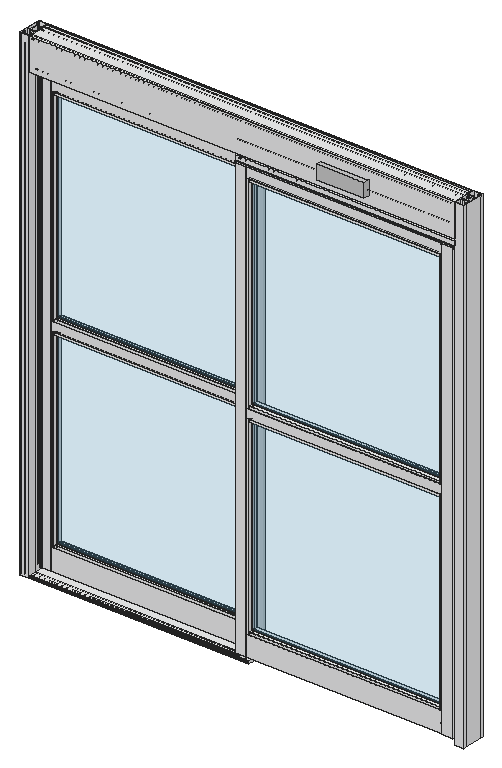
Revit family "2-6-1_Sliding-Door_TX9300SL_Single-RH-Inside-Slide-SX-SO_Tormax", category Doors, host Wall, Revit 2026
Family settings
  Host = Wall
  Classification Number = 23.30.10.00
  Always vertical = Yes
  Cut with Voids When Loaded = Yes
  Shared = No
  Room Calculation Point = No
Parameters (values of type "7'-0" Package Width")
  Width = 7' - 0"
  URL = "https://www.tormaxusa.com"
  Thickness = 0' - 4 1/2"  # constant formula
  Specification = "https://www.arcat.com/company/tormax-usa-inc-43969/spec"
  Rough Width = Width + 0' 0 1/2"  # 7' - 0 1/2"
  Rough Height = Height + 0' 0 1/4"  # 7' - 8 1/4"
  Product Page URL = "https://www.arcat.com/arcatcos/cos43/arc43969.html"
  Model = "TX9300SL"
  Manufacturer = "Tormax"
  Keynote = "08 42 29"
  Height = 7' - 8"  # constant formula
  Glass = Glass - Tormax
  Frame Projection Ext. = 0' - 0"
  Frame Projection Int. = 0' - 0"
  Frame Width = 0' - 0"
  Wall Closure = By host
  Door Width = Width / 2 - 0' 0 9/16"  # 3' - 5 7/16"
  Door Height = Height  # 7' - 8"
  Frame Material = Aluminum - Tormax
  Description = "Single RH Inside Slide Application (SX-SO), 7'-0\" Package Width"
  Define Thermal Properties by = Schematic Type
  Copyright = "ARCAT"
  CAD Details = "https://www.arcat.com/company/tormax-usa-inc-43969/cad"
  Analytic Construction = "<None>"
Reference planes (in)
  plane 1 "Center (Front/Back)": y = 0
  plane 2 "Center (Left/Right)": x = 0
  plane 3 "Left": x = -42.25
  plane 4 "Right": x = 42.25
  plane 5 "Top": z = 91.75
  plane 6 "Exterior": y = 3
  plane 7 "Interior": y = -3
  plane 8: x = -1.3125
  plane 9: x = 1.3125
  plane 10: y = -2.25
  plane 11 "4": z = 85
  plane 12: x = -42
  plane 13: x = 42
  plane 14: z = 91.5
  plane 15: y = 2.25
  plane 16: x = -40.24908
  plane 17: x = 40.24908
  plane 18: y = 0.9375
  plane 19: y = -1.38997
  plane 20: x = 19.46829
  plane 21: z = 0.5
  plane 22: z = -0.5
Forms (in)
  Extrusion 1, solid, material "Plastic - Tormax - Grey"
    sketch origin (0, 0, 0) x (1, 0, 0) y (0, 0, 1)
      loop
        line (14.96829, 89.555) -> (14.96829, 86.945) -> (23.96829, 86.945) -> (23.96829, 89.555) -> (14.96829, 89.555)
    from 2.23036 to 3.23457
  Extrusion 2, solid, material "Plastic - Tormax - Grey"
    sketch origin (0, 0, 0) x (1, 0, 0) y (0, 0, 1)
      loop
        line (14.96829, 89.555) -> (14.96829, 86.945) -> (23.96829, 86.945) -> (23.96829, 89.555) -> (14.96829, 89.555)
    from -3.25 to -2.23457
  Sweep 3, solid, material "Aluminum - Tormax" <- "Frame Material"
    path origin (0, 0, 0) x (1, 0, 0) y (0, 0, 1)
      loop
        line (-40.24908, 85) -> (40.24908, 85)
    profile origin (0, 0, 85) x (0, 0, 1) y (0, -1, 0)
      loop
        line (5.77619, 2.07466) -> (5.77619, 1.22179) -> (5.91858, 1.22179)
        arc (5.91858, 1.22179) -> (5.95775, 1.20557) -> (5.97397, 1.1664) r 0.05539
        line (5.97397, 1.1664) -> (5.97397, 1.11939) -> (6.03942, 1.11939) -> (6.06795, 1.15867) -> (6.25171, 1.15867) -> (6.25171, 0.53164) -> (6.11284, 0.53164) -> (6.11284, 0.64246) -> (6.03429, 0.64246) -> (6.03429, 0.53164) -> (5.97397, 0.53164) -> (5.97397, 0.29669) -> (6.05393, 0.29669) -> (6.05393, 0.42995) -> (6.1928, 0.42995) -> (6.1928, 0.32403) -> (6.33027, 0.32403) -> (6.33027, -0.00721) -> (6.1928, -0.00721) -> (6.1928, -0.11382) -> (6.05393, -0.11382) -> (6.05393, 0.01944) -> (5.97397, 0.01944) -> (5.97397, -0.19378) -> (6.27276, -0.19378) -> (6.27276, -0.11503)
        arc (6.27276, -0.11503) -> (6.30151, -0.08627) -> (6.33027, -0.11503) r 0.02876
        line (6.33027, -0.11503) -> (6.33027, -0.44908)
        arc (6.33027, -0.44908) -> (6.30151, -0.47783) -> (6.27276, -0.44908) r 0.02876
        line (6.27276, -0.44908) -> (6.27276, -0.37032) -> (5.97397, -0.37032) -> (5.97397, -0.58354) -> (6.05393, -0.58354) -> (6.05393, -0.45028) -> (6.1928, -0.45028) -> (6.1928, -0.55689) -> (6.33027, -0.55689) -> (6.33027, -0.88653) -> (6.1928, -0.88653) -> (6.1928, -0.99314) -> (6.05393, -0.99314) -> (6.05393, -0.85988) -> (5.97397, -0.85988) -> (5.97397, -1.0731) -> (6.27276, -1.0731) -> (6.27276, -0.99434)
        arc (6.27276, -0.99434) -> (6.30151, -0.96559) -> (6.33027, -0.99434) r 0.02876
        line (6.33027, -0.99434) -> (6.33027, -1.32981)
        arc (6.33027, -1.32981) -> (6.30151, -1.35856) -> (6.27276, -1.32981) r 0.02876
        line (6.27276, -1.32981) -> (6.27276, -1.25125) -> (5.97397, -1.25125) -> (5.97397, -1.46306) -> (6.05393, -1.46306) -> (6.05393, -1.3298) -> (6.1928, -1.3298) -> (6.1928, -1.43623) -> (6.24189, -1.43623) -> (6.24189, -1.76475) -> (6.1928, -1.76475) -> (6.1928, -1.87407) -> (6.05393, -1.87407) -> (6.05393, -1.7394) -> (5.97397, -1.7394) -> (5.97397, -1.93598)
        arc (5.97397, -1.93598) -> (5.93664, -2.02611) -> (5.84651, -2.06344) r 0.12746
        line (5.84651, -2.06344) -> (1.75483, -2.06344) -> (1.75483, -1.53331) -> (1.9456, -1.35354) -> (1.9456, -0.73504) -> (1.83128, -0.62071) -> (2.08658, -0.36541) -> (2.03117, -0.31001) -> (1.93648, -0.40469) -> (1.83689, -0.3051) -> (1.91264, -0.22935) -> (1.85512, -0.17184) -> (2.08868, 0.06172) -> (2.14619, 0.00421) -> (2.22127, 0.07928) -> (2.32086, -0.02032) -> (2.22615, -0.11502) -> (2.28156, -0.17043) -> (2.38466, -0.06733) -> (2.38466, 0.9202) -> (2.23457, 0.9202) -> (2.23457, 0.32723)
        arc (2.23457, 0.32723) -> (2.2005, 0.23362) -> (2.11423, 0.18382) r 0.14562
        line (2.11423, 0.18382) -> (2.0338, 0.16963)
        arc (2.0338, 0.16963) -> (1.99627, 0.15695) -> (1.96422, 0.13365) r 0.13141
        line (1.96422, 0.13365) -> (1.83569, 0.00654)
        arc (1.83569, 0.00654) -> (1.6158, -0.06179) -> (1.43332, 0.07864) r 0.25
        line (1.43332, 0.07864) -> (1.36206, 0.23145) -> (1.17269, 0.23145) -> (1.17269, 0.1529) -> (1.30595, 0.1529) -> (1.30595, 0.01262) -> (1.19934, 0.01262) -> (1.19934, -0.06867) -> (0.8697, -0.06867) -> (0.8697, 0.01262) -> (0.76309, 0.01262) -> (0.76309, 0.1529) -> (0.89635, 0.1529) -> (0.89635, 0.23145) -> (0.59196, 0.23145) -> (0.59196, 0.11643) -> (0.47481, 0.11643)
        arc (0.47481, 0.11643) -> (0.40392, 0.14579) -> (0.37455, 0.21669) r 0.10026
        line (0.37455, 0.21669) -> (0.37455, 1.02507)
        arc (0.37455, 1.02507) -> (0.36443, 1.03854) -> (0.34867, 1.03258) r 0.01403
        line (0.34867, 1.03258) -> (0.23145, 0.84785) -> (0.23145, 0.28897) -> (-0.01964, 0.28897) -> (-0.01964, 0.45028) -> (-0.21462, 0.45028) -> (-0.21462, 0.4068) -> (-0.15431, 0.4068) -> (-0.15431, 0.33666) -> (-0.48395, 0.33666) -> (-0.48395, 0.4068) -> (-0.42504, 0.4068) -> (-0.42504, 0.45028) -> (-0.62422, 0.45028) -> (-0.62422, 0.04489) -> (-0.42504, 0.04489) -> (-0.42504, 0.08837) -> (-0.48395, 0.08837) -> (-0.48395, 0.15851) -> (-0.15431, 0.15851) -> (-0.15431, 0.08837) -> (-0.21462, 0.08837) -> (-0.21462, 0.04489) -> (0, 0.04489) -> (0, -2.23457) -> (6.5, -2.23457) -> (6.5, -2.00635)
        arc (6.5, -2.00635) -> (6.48905, -1.99208) -> (6.47243, -1.99896) r 0.01477
        line (6.47243, -1.99896) -> (6.41577, -2.09711)
        arc (6.41577, -2.09711) -> (6.39129, -2.10725) -> (6.37515, -2.08622) r 0.02177
        line (6.37515, -2.08622) -> (6.37515, -1.85076) -> (6.5, -1.72592) -> (6.5, 2.23036) -> (0.28141, 2.23036) -> (0.28141, 1.68048) -> (0.40539, 1.68048) -> (0.40539, 2.10552) -> (6.03008, 2.10552) -> (6.03008, 1.97602) -> (5.93246, 1.97602)
        arc (5.93246, 1.97602) -> (5.88314, 1.9267) -> (5.93246, 1.87738) r 0.04932
        line (5.93246, 1.87738) -> (6.29099, 1.87738) -> (6.29099, 2.1562) -> (6.34244, 2.14241)
        arc (6.34244, 2.14241) -> (6.39719, 1.79317) -> (6.22817, 1.4827) r 0.55026
        line (6.22817, 1.4827) -> (6.14932, 1.4827) -> (6.14932, 1.35631) -> (5.87438, 1.35631) -> (5.87438, 1.93675)
        arc (5.87438, 1.93675) -> (5.89217, 1.97971) -> (5.93513, 1.99751) r 0.06075
        line (5.93513, 1.99751) -> (5.99221, 1.99751) -> (5.99221, 2.07466) -> (5.77619, 2.07466)
      loop
        line (0.07995, -1.86565) -> (0.26091, -1.86565) -> (0.26091, -1.94734) -> (0.30619, -1.97106) -> (0.30619, -2.06344) -> (1.5851, -2.06344) -> (1.5851, -1.38773) -> (1.33962, -1.38773) -> (1.33962, -1.17409) -> (1.41957, -1.17409) -> (1.41957, -1.30735) -> (1.55985, -1.30735) -> (1.55985, -1.20075) -> (1.75062, -1.20075) -> (1.75062, -0.8711) -> (1.55985, -0.8711) -> (1.55985, -0.76309) -> (1.41957, -0.76309) -> (1.41957, -0.89776) -> (1.33962, -0.89776) -> (1.33962, -0.66367) -> (1.69036, -0.66367) -> (1.69036, -0.25479) -> (1.4982, -0.21838) -> (0.7408, -0.21838) -> (0.47711, -0.03365) -> (0.3058, -0.03421) -> (0.3058, -0.2539) -> (0.26091, -0.28335) -> (0.26091, -0.39978) -> (0.07995, -0.39978) -> (0.07995, -1.86565)
  Sweep 4, solid, material "Aluminum - Tormax" <- "Frame Material"
    path origin (0, 0, 0) x (1, 0, 0) y (0, 0, 1)
      loop
        line (-42, 91.5) -> (-42, -0.5)
    profile origin (-42, 0, 45.5) x (0, -1, 0) y (1, 0, 0)
      loop
        line (-2.25, 0) -> (-1.81515, 0) -> (-1.81515, 0.11322) -> (-1.69933, 0.11322)
        arc (-1.69933, 0.11322) -> (-1.69067, 0.15137) -> (-1.70596, 0.18738) r 0.06366
        line (-1.70596, 0.18738) -> (-1.81808, 0.18738)
        arc (-1.81808, 0.18738) -> (-1.86945, 0.1699) -> (-1.89951, 0.12472) r 0.08425
        line (-1.89951, 0.12472) -> (-2.12383, 0.12472) -> (-2.12383, 1.62444) -> (-1.01125, 1.62444)
        arc (-1.01125, 1.62444) -> (-0.97854, 1.4893) -> (-0.88136, 1.38986) r 0.2623
        line (-0.88136, 1.38986) -> (-0.88136, 0.87481)
        arc (-0.88136, 0.87481) -> (-0.81729, 0.72014) -> (-0.66261, 0.65607) r 0.21875
        line (-0.66261, 0.65607) -> (0.66817, 0.65607)
        arc (0.66817, 0.65607) -> (0.82039, 0.71912) -> (0.88344, 0.87134) r 0.21527
        line (0.88344, 0.87134) -> (0.88344, 1.39109)
        arc (0.88344, 1.39109) -> (0.97912, 1.49036) -> (1.01125, 1.62444) r 0.2623
        line (1.01125, 1.62444) -> (2.12383, 1.62444) -> (2.12383, 0.12472) -> (1.89951, 0.12472)
        arc (1.89951, 0.12472) -> (1.86945, 0.1699) -> (1.81808, 0.18738) r 0.08425
        line (1.81808, 0.18738) -> (1.71377, 0.18738)
        arc (1.71377, 0.18738) -> (1.69848, 0.15137) -> (1.70714, 0.11322) r 0.06366
        line (1.70714, 0.11322) -> (1.80734, 0.11322) -> (1.80734, 0) -> (2.25, 0) -> (2.25, 1.75092) -> (0.85905, 1.75092) -> (0.85905, 1.49159) -> (0.72205, 1.49159) -> (0.72205, 1.6564) -> (0.66591, 1.6564) -> (0.66591, 1.42631) -> (0.75855, 1.42631) -> (0.75855, 0.87892)
        arc (0.75855, 0.87892) -> (0.72992, 0.80981) -> (0.6608, 0.78118) r 0.09775
        line (0.6608, 0.78118) -> (-0.65544, 0.78118)
        arc (-0.65544, 0.78118) -> (-0.72688, 0.81077) -> (-0.75647, 0.88221) r 0.10104
        line (-0.75647, 0.88221) -> (-0.75647, 1.42631) -> (-0.65809, 1.42631) -> (-0.65809, 1.65835) -> (-0.72205, 1.65835) -> (-0.72205, 1.49159) -> (-0.85868, 1.49159) -> (-0.85868, 1.75092) -> (-2.25, 1.75092) -> (-2.25, 0)
      loop
        line (-1.77192, 0) -> (1.76565, 0) -> (1.76565, 0.07235) -> (1.60504, 0.07235) -> (1.60504, 0.18932) -> (1.6607, 0.18932) -> (1.59241, 0.37695)
        arc (1.59241, 0.37695) -> (1.54664, 0.39829) -> (1.52529, 0.35252) r 0.03571
        line (1.52529, 0.35252) -> (1.57291, 0.22167) -> (1.53738, 0.20277) -> (1.53738, 0.07235) -> (0.63819, 0.07235) -> (0.63819, 0.55414) -> (0.55418, 0.55414) -> (0.55418, 0.07235) -> (-1.53738, 0.07235) -> (-1.53738, 0.20277) -> (-1.57291, 0.22167) -> (-1.52529, 0.35252)
        arc (-1.52529, 0.35252) -> (-1.54664, 0.39829) -> (-1.59241, 0.37695) r 0.03571
        line (-1.59241, 0.37695) -> (-1.6607, 0.18932) -> (-1.60504, 0.18932) -> (-1.60504, 0.07235) -> (-1.77192, 0.07235) -> (-1.77192, 0)
      loop
        line (-0.57123, 1.42631) -> (-0.50727, 1.42631) -> (-0.50727, 1.69246) -> (0.50727, 1.69246) -> (0.50727, 1.42631) -> (0.57123, 1.42631) -> (0.57123, 1.69246) -> (0.72205, 1.69246) -> (0.72205, 1.75092) -> (-0.72205, 1.75092) -> (-0.72205, 1.69246) -> (-0.57123, 1.69246) -> (-0.57123, 1.42631)
  Sweep 5, solid, material "Aluminum - Tormax" <- "Frame Material"
    path origin (0, 0, 0) x (-1, 0, 0) y (0, 0, -1)
      loop
        line (-42, -91.5) -> (-42, 0.5)
    profile origin (42, 0, 45.5) x (0, -1, 0) y (1, 0, 0)
      loop
        line (-2.25, 0) -> (-2.25, -1.75092) -> (-0.85868, -1.75092) -> (-0.85868, -1.49159) -> (-0.72205, -1.49159) -> (-0.72205, -1.65835) -> (-0.65809, -1.65835) -> (-0.65809, -1.42631) -> (-0.75647, -1.42631) -> (-0.75647, -0.88221)
        arc (-0.75647, -0.88221) -> (-0.72688, -0.81077) -> (-0.65544, -0.78118) r 0.10104
        line (-0.65544, -0.78118) -> (0.6608, -0.78118)
        arc (0.6608, -0.78118) -> (0.72992, -0.80981) -> (0.75855, -0.87892) r 0.09775
        line (0.75855, -0.87892) -> (0.75855, -1.42631) -> (0.66591, -1.42631) -> (0.66591, -1.6564) -> (0.72205, -1.6564) -> (0.72205, -1.49159) -> (0.85905, -1.49159) -> (0.85905, -1.75092) -> (2.25, -1.75092) -> (2.25, 0) -> (1.80734, 0) -> (1.80734, -0.11322) -> (1.70714, -0.11322)
        arc (1.70714, -0.11322) -> (1.69848, -0.15137) -> (1.71377, -0.18738) r 0.06366
        line (1.71377, -0.18738) -> (1.81808, -0.18738)
        arc (1.81808, -0.18738) -> (1.86945, -0.1699) -> (1.89951, -0.12472) r 0.08425
        line (1.89951, -0.12472) -> (2.12383, -0.12472) -> (2.12383, -1.62444) -> (1.01125, -1.62444)
        arc (1.01125, -1.62444) -> (0.97912, -1.49036) -> (0.88344, -1.39109) r 0.2623
        line (0.88344, -1.39109) -> (0.88344, -0.87134)
        arc (0.88344, -0.87134) -> (0.82039, -0.71912) -> (0.66817, -0.65607) r 0.21527
        line (0.66817, -0.65607) -> (-0.66261, -0.65607)
        arc (-0.66261, -0.65607) -> (-0.81729, -0.72014) -> (-0.88136, -0.87481) r 0.21875
        line (-0.88136, -0.87481) -> (-0.88136, -1.38986)
        arc (-0.88136, -1.38986) -> (-0.97854, -1.4893) -> (-1.01125, -1.62444) r 0.2623
        line (-1.01125, -1.62444) -> (-2.12383, -1.62444) -> (-2.12383, -0.12472) -> (-1.89951, -0.12472)
        arc (-1.89951, -0.12472) -> (-1.86945, -0.1699) -> (-1.81808, -0.18738) r 0.08425
        line (-1.81808, -0.18738) -> (-1.70596, -0.18738)
        arc (-1.70596, -0.18738) -> (-1.69067, -0.15137) -> (-1.69933, -0.11322) r 0.06366
        line (-1.69933, -0.11322) -> (-1.81515, -0.11322) -> (-1.81515, 0) -> (-2.25, 0)
      loop
        line (-1.77192, 0) -> (-1.77192, -0.07235) -> (-1.60504, -0.07235) -> (-1.60504, -0.18932) -> (-1.6607, -0.18932) -> (-1.59241, -0.37695)
        arc (-1.59241, -0.37695) -> (-1.54664, -0.39829) -> (-1.52529, -0.35252) r 0.03571
        line (-1.52529, -0.35252) -> (-1.57291, -0.22167) -> (-1.53738, -0.20277) -> (-1.53738, -0.07235) -> (0.55418, -0.07235) -> (0.55418, -0.55414) -> (0.63819, -0.55414) -> (0.63819, -0.07235) -> (1.53738, -0.07235) -> (1.53738, -0.20277) -> (1.57291, -0.22167) -> (1.52529, -0.35252)
        arc (1.52529, -0.35252) -> (1.54664, -0.39829) -> (1.59241, -0.37695) r 0.03571
        line (1.59241, -0.37695) -> (1.6607, -0.18932) -> (1.60504, -0.18932) -> (1.60504, -0.07235) -> (1.76565, -0.07235) -> (1.76565, 0) -> (-1.77192, 0)
      loop
        line (-0.57123, -1.42631) -> (-0.57123, -1.69246) -> (-0.72205, -1.69246) -> (-0.72205, -1.75092) -> (0.72205, -1.75092) -> (0.72205, -1.69246) -> (0.57123, -1.69246) -> (0.57123, -1.42631) -> (0.50727, -1.42631) -> (0.50727, -1.69246) -> (-0.50727, -1.69246) -> (-0.50727, -1.42631) -> (-0.57123, -1.42631)
  Sweep 6, solid, material "Aluminum - Tormax"
    path origin (0, 0, 0) x (1, 0, 0) y (0, 0, 1)
      loop
        line (1.3125, 0) -> (-40.24908, 0)
    profile origin (-19.46829, 0, 0) x (0, 0, -1) y (0, -1, 0)
      loop
        line (0, -2.25) -> (0.14181, -2.25) -> (0.14181, -2.17159)
        arc (0.14181, -2.17159) -> (0.17634, -2.06652) -> (0.25381, -1.98759) r 0.24334
        arc (0.25381, -1.98759) -> (0.34911, -2.01203) -> (0.31877, -2.10562) r 0.0675
        line (0.31877, -2.10562) -> (0.27681, -2.12542) -> (0.27681, -2.25) -> (0.5, -2.25) -> (0.5, -1.721) -> (0.25, -1.721) -> (0.25, -1.221) -> (0.5, -1.221) -> (0.5, -1.021) -> (0.25, -1.021) -> (0.25, -0.721) -> (0.5, -0.721) -> (0.5, -0.521) -> (0.25, -0.521) -> (0.25, -0.221) -> (0.5, -0.221) -> (0.5, -0.021) -> (0.25, -0.021) -> (0.25, 0.279) -> (0.5, 0.279) -> (0.5, 0.479) -> (0.25, 0.479) -> (0.25, 0.779) -> (0.5, 0.779) -> (0.5, 1.30347) -> (0.25, 1.30347) -> (0.25, 1.52047) -> (0.5, 1.52047) -> (0.5, 2.25) -> (0.27681, 2.25) -> (0.27681, 2.12542) -> (0.31877, 2.10562)
        arc (0.31877, 2.10562) -> (0.34911, 2.01203) -> (0.25381, 1.98759) r 0.0675
        arc (0.25381, 1.98759) -> (0.17634, 2.06652) -> (0.14181, 2.17159) r 0.24334
        line (0.14181, 2.17159) -> (0.14181, 2.25) -> (0, 2.25) -> (0, 1.86397) -> (0.34, 1.86397) -> (0.34, 1.64697) -> (0, 1.64697) -> (0, 1.17697) -> (0.34, 1.17697) -> (0.34, 0.95997) -> (0, 0.95997) -> (0, -2.25)
  Extrusion 7, solid, material "Aluminum - Tormax"
    sketch origin (0, 0, 0) x (0, 1, 0) y (0, 0, 1)
      loop
        line (-0.95997, 0) -> (-1.17697, 0) -> (-1.17697, -0.34) -> (-0.95997, -0.34) -> (-0.95997, 0)
      loop
        line (-1.64697, 0) -> (-1.86397, 0) -> (-1.86397, -0.34) -> (-1.64697, -0.34) -> (-1.64697, 0)
    from 0 to 1.3125
  Extrusion 8, void
    sketch origin (0, 0, 0) x (1, 0, 0) y (0, 0, 1)
      loop
        line (42, -0.5) -> (42, 0) -> (40.24908, 0) -> (40.24908, -0.5) -> (42, -0.5)
      loop
        line (-42, -0.5) -> (1.3125, -0.5) -> (1.3125, 0) -> (-42, 0) -> (-42, -0.5)
    from -2.25 to 2.25
  Sweep 9, solid, material "Aluminum - Tormax" <- "Frame Material"
    path origin (0, 0, 0) x (1, 0, 0) y (0, 0, 1)
      loop
        line (-1.3125, 85) -> (40.24908, 85)
    profile origin (19.46829, 0, 85) x (0, 0, 1) y (0, -1, 0)
      loop
        line (-0.02668, 1.16007) -> (2.37204, 1.16007)
        arc (2.37204, 1.16007) -> (2.41956, 1.04028) -> (2.53714, 0.98753) r 0.17128
        line (2.53714, 0.98753) -> (2.78024, 0.98753) -> (2.78024, 1.22179) -> (2.70028, 1.22179) -> (2.70028, 1.08853) -> (2.56141, 1.08853) -> (2.56141, 1.19514) -> (2.46883, 1.19514) -> (2.46883, 1.52478) -> (2.56141, 1.52478) -> (2.56141, 1.63279) -> (2.70028, 1.63279) -> (2.70028, 1.49813) -> (2.78024, 1.49813) -> (2.78024, 1.73239) -> (2.53701, 1.73239)
        arc (2.53701, 1.73239) -> (2.41952, 1.67959) -> (2.37204, 1.55985) r 0.17128
        line (2.37204, 1.55985) -> (-0.02598, 1.55985) -> (-0.02598, 2.10973) -> (-1.01701, 2.10973) -> (-1.01701, 1.18779)
        arc (-1.01701, 1.18779) -> (-0.95038, 1.12116) -> (-0.88375, 1.18779) r 0.06663
        line (-0.88375, 1.18779) -> (-0.88375, 1.51952)
        arc (-0.88375, 1.51952) -> (-0.8059, 1.59737) -> (-0.72805, 1.51952) r 0.07785
        line (-0.72805, 1.51952) -> (-0.72805, 1.03663) -> (-0.7028, 0.79396) -> (-0.7028, 0.61019) -> (-0.02668, 0.61019) -> (-0.02668, 1.16007)
Cuts and joins
  joined: Sweep 6, Extrusion 7
Lines and regions (in)
  Opening 1
    outline origin (-90, -3, 0) x (1, 0, 0) y (0, 0, 1)
      loop
        line (47.75, 0) -> (132.25, 0) -> (132.25, 91.75) -> (47.75, 91.75) -> (47.75, 0)
  symbolic lines
    curve 1: line (16.46829, 6.25114, 0) -> (17.76733, 7.00114, 0)
    curve 2: line (16.46829, 6.25114, 0) -> (17.76733, 5.50114, 0)
    curve 5: line (16.46829, 6.25114, 0) -> (19.46829, 6.25114, 0)
    curve 6: line (19.46829, 6.25114, 0) -> (22.46829, 6.25114, 0)
    curve 9: line (16.46829, 0, 48.75) -> (17.76733, 0, 49.5)
    curve 10: line (16.46829, 0, 48.75) -> (17.76733, 0, 48)
    curve 11: line (16.46829, 0, 48.75) -> (19.46829, 0, 48.75)
    curve 12: line (19.46829, 0, 48.75) -> (22.46829, 0, 48.75)
    curve 17: arc (-42.25, 2.25, 0) -> (-42.125, 2.20201, 0) -> (-42, 2.25, 0) r 0.1868
    curve 18: arc (-42.25, -2.25, 0) -> (-42.125, -2.20201, 0) -> (-42, -2.25, 0) r 0.1868
    curve 19: arc (42.25, 2.25, 0) -> (42.125, 2.20201, 0) -> (42, 2.25, 0) r 0.1868
    curve 20: arc (42.25, -2.25, 0) -> (42.125, -2.20201, 0) -> (42, -2.25, 0) r 0.1868
    curve 21: arc (0, -2.25, 91.75) -> (0, -2.20222, 91.625) -> (0, -2.25, 91.5) r 0.18739
    curve 22: arc (0, 2.25, 91.75) -> (0, 2.20222, 91.625) -> (0, 2.25, 91.5) r 0.18739
  symbolic lines, not visible
    curve 3: line (-27.55636, -4.55425, 0) -> (-26.25733, -3.80425, 0)
    curve 4: line (-27.55636, -4.55425, 0) -> (-26.25733, -5.30425, 0)
    curve 7: line (-27.55636, -4.55425, 0) -> (-24.55636, -4.55425, 0)
    curve 8: line (-24.55636, -4.55425, 0) -> (-21.55636, -4.55425, 0)
    curve 13: line (22.54055, 0, 51.7829) -> (23.83959, 0, 52.5329)
    curve 14: line (22.54055, 0, 51.7829) -> (23.83959, 0, 51.0329)
    curve 15: line (22.54055, 0, 51.7829) -> (25.54055, 0, 51.7829)
    curve 16: line (25.54055, 0, 51.7829) -> (28.54055, 0, 51.7829)
  symbolic lines, style "Elevation Swing"
    curve 23: line (-40.24908, 0, -0.5) -> (1.3125, 0, -0.5)
    curve 24: line (-40.24908, 0, -0.5) -> (-40.24908, 0, -0.25)
    curve 25: line (1.3125, 0, -0.5) -> (1.3125, 0, 0)
Text (in)
  text "Exterior" at (-49.44534, 5.85808, 0), in view "Ref. Level"
  text "Interior" at (-49.44534, -5.24517, 0), in view "Ref. Level"
  text "Exterior" at (0, 40.15149, 123.01588), in view "Right"
  text "Interior" at (0, -64.39139, 123.01588), in view "Right"
  text "Interior" at (0, -31.01599, 123.00693), in view "Left"
  text "Exterior" at (0, 54.57065, 123.00693), in view "Left"
Dimensions and locks (in)
  "Rough Height": plane 22 to plane 5 "Top"
  equal spacing: plane 3 "Left", plane 2 "Center (Left/Right)", plane 4 "Right"
  level to plane 5 "Top" = 7' - 7 3/4"
  "Rough Width": plane 3 "Left" to plane 4 "Right"
  equal spacing: plane 12, plane 2 "Center (Left/Right)", plane 13
  "Width": plane 12 to plane 13
  "Door Height": plane 14 to plane 22
  plane 14 to plane 11 "4" = 0' - 6 1/2"
  locked: plane 12 to plane 16 at 1.75092
  locked: plane 17 to plane 13 at 1.75092
  equal spacing: plane 8, plane 2 "Center (Left/Right)", plane 9
  locked: plane 8 to plane 9 at 2.625
  plane 2 "Center (Left/Right)" to plane 9 = 0' - 1 5/16"
  locked: plane 10 to plane 19 at 0.86003
  plane 18 to plane 15 = 0' - 1 5/16"
  locked: plane 15 to curve 6 at 4.00114
  Extrusion 1 sketch curve to plane 20 to Extrusion 1 sketch curve = 0' - 4 1/2" locked, 0' - 4 1/2" locked
  Extrusion 1 sketch curve to Extrusion 1 sketch curve to plane 11 "4" = 0' - 2.61" locked, 0' - 1.945" locked
  equal spacing: plane 8, plane 20, plane 17
  Extrusion 2 sketch curve to Extrusion 2 sketch curve = 0' - 9"
  locked: Extrusion 2 sketch curve to Extrusion 2 sketch curve at 2.61
  Extrusion 1 to plane 10 = 0' - 0.98457"
  plane 15 to Extrusion 2 = 0' - 1"
  locked: Extrusion 1 to plane 10 at 0.98457
  locked: plane 15 to Extrusion 2 at 1
  locked: Sweep 6 sketch curve to level at 0.5
  locked: plane 21 to level at 0.5
  locked: plane 21 to curve 12 at 48.25
  locked: plane 22 to level at 0.5
  locked: plane 14 to plane 11 "4" at 6.5
  aligned and locked: Opening 1 sketch curve to level
  aligned and locked: plane 6 "Exterior" to host wall
  aligned and locked: plane 7 "Interior" to host wall
  aligned and locked: Opening 1 sketch curve to plane 3 "Left"
  aligned and locked: Opening 1 sketch curve to plane 4 "Right"
  aligned and locked: plane 5 "Top" to Opening 1 sketch curve
  aligned and locked: plane 3 "Left" to curve 17
  aligned and locked: plane 15 to curve 17  (x2)
  aligned and locked: plane 12 to curve 17
  aligned and locked: plane 10 to curve 18  (x2)
  aligned and locked: plane 12 to curve 18
  aligned and locked: plane 3 "Left" to curve 18
  aligned and locked: plane 13 to curve 19
  aligned and locked: plane 4 "Right" to curve 19
  aligned and locked: plane 15 to curve 19  (x2)
  aligned and locked: plane 10 to curve 20  (x2)
  aligned and locked: plane 13 to curve 20
  aligned and locked: plane 4 "Right" to curve 20
  aligned and locked: plane 5 "Top" to curve 21
  aligned and locked: plane 14 to curve 21
  aligned and locked: plane 10 to curve 21  (x2)
  aligned and locked: plane 5 "Top" to curve 22
  aligned and locked: plane 15 to curve 22  (x2)
  aligned and locked: plane 14 to curve 22
  aligned and locked: plane 20 to curve 12
  aligned and locked: plane 20 to curve 6
  aligned and locked: Sweep 4 sketch curve to plane 16  (x3)
  aligned and locked: plane 12 to Sweep 4 sketch curve  (x3)
  aligned and locked: plane 13 to Sweep 5 sketch curve  (x3)
  aligned and locked: plane 17 to Sweep 5 sketch curve  (x3)
  aligned and locked: plane 10 to Sweep 5 sketch curve
  aligned and locked: Sweep 5 sketch curve to plane 15
  aligned and locked: plane 15 to Sweep 4 sketch curve
  aligned and locked: Sweep 4 sketch curve to plane 10
  aligned and locked: Sweep 5 sketch curve to plane 13
  aligned and locked: plane 14 to Sweep 5 sketch curve
  aligned and locked: nested 1 to plane 18
  aligned and locked: nested 1 to plane 9
  aligned and locked: level to Sweep 6 sketch curve
  aligned and locked: plane 9 to Sweep 6 sketch curve
  aligned and locked: Sweep 6 sketch curve to level
  aligned and locked: Sweep 6 sketch curve to plane 15
  aligned and locked: Sweep 6 sketch curve to plane 10  (x2)
  aligned and locked: plane 16 to Sweep 6 sketch curve
  aligned and locked: plane 8 to nested 2
  aligned and locked: plane 19 to nested 2
  aligned and locked: level to Extrusion 7 sketch curve
  aligned and locked: Extrusion 7 sketch curve to Sweep 6  (x6)
  aligned and locked: Extrusion 7 to plane 2 "Center (Left/Right)"
  aligned and locked: Extrusion 7 to plane 9
  aligned and locked: plane 16 to curve 24
  aligned and locked: curve 25 to plane 9
  aligned and locked: level to curve 25
  aligned and locked: plane 22 to Sweep 5 sketch curve
  aligned and locked: plane 22 to Sweep 4 sketch curve
  aligned and locked: plane 13 to Extrusion 8 sketch curve
  aligned and locked: Extrusion 8 sketch curve to plane 17
  aligned and locked: plane 22 to Extrusion 8 sketch curve
  aligned and locked: plane 12 to Extrusion 8 sketch curve
  aligned and locked: Extrusion 8 sketch curve to plane 9
  aligned and locked: Extrusion 8 to plane 15
  aligned and locked: plane 10 to Extrusion 8
  aligned and locked: Extrusion 8 sketch curve to level  (x2)
  aligned and locked: Extrusion 8 sketch curve to plane 22
  aligned and locked: Extrusion 1 to Sweep 3
  aligned and locked: Extrusion 2 to Sweep 3
  aligned and locked: plane 17 to Sweep 9 sketch curve
  aligned and locked: plane 8 to Sweep 9 sketch curve
Automatic sketch dimensions
  curve 1 to curve 2 = 0' - 0"
  curve 2 to curve 5 = 0' - 1.70096"
  curve 2 to curve 1 = 0' - 1 1/2"
  curve 1 to curve 6 = 0' - 3"
  curve 5 to curve 6 = 0' - 3"
  curve 2 to curve 1 = 0' - 0 3/4"
  curve 3 to curve 4 = 0' - 0"
  curve 4 to curve 7 = 0' - 1.70096"
  curve 4 to curve 3 = 0' - 1 1/2"
  curve 3 to curve 8 = 0' - 3"
  curve 7 to curve 8 = 0' - 3"
  curve 4 to curve 3 = 0' - 0 3/4"
  Sweep 4 sketch curve to plane 12 = 0' - 0"
  Sweep 4 sketch curve to plane 14 = 0' - 0"
  plane 10 to curve 18 = 0' - 0.13881"
  plane 10 to curve 20 = 0' - 0.13881"
  curve 19 to plane 15 = 0' - 0.13881"
  curve 17 to plane 15 = 0' - 0.13881"
  Extrusion 2 sketch curve to plane 11 "4" = 0' - 1.945"
  plane 20 to Extrusion 2 sketch curve = 0' - 4 1/2"
  Sweep 3 sketch curve to plane 11 "4" = 0' - 0"
  Sweep 3 sketch curve to plane 16 = 0' - 0"
  plane 17 to Sweep 3 sketch curve = 0' - 0"
  Sweep 4 sketch curve to Sweep 4 sketch curve = 0' - 0.12617"  (x2)
  Sweep 4 sketch curve to profile plane = 0' - 0.12472"
  Sweep 4 sketch curve to Sweep 4 sketch curve = 0' - 0.22432"
  Sweep 4 sketch curve to Sweep 4 sketch curve = 0' - 0.08144"  (x2)
  Sweep 4 sketch curve to Sweep 4 sketch curve = 0' - 0.00293"
  Sweep 4 sketch curve to Sweep 4 sketch curve = 0' - 0.04323"
  Sweep 4 sketch curve to Sweep 4 sketch curve = 0' - 0.06108"
  Sweep 4 sketch curve to Sweep 4 sketch curve = 0' - 0.04812"
  Sweep 4 sketch curve to Sweep 4 sketch curve = 0' - 0.05475"  (x2)
  Sweep 4 sketch curve to profile plane = 0' - 0.18932"  (x2)
  Sweep 4 sketch curve to Sweep 4 sketch curve = 0' - 0.04525"
  Sweep 4 sketch curve to Sweep 4 sketch curve = 0' - 0.09429"
  Sweep 4 sketch curve to profile plane = 0' - 0.37695"  (x2)
  Sweep 4 sketch curve to Sweep 4 sketch curve = 0' - 0.01262"
  Sweep 4 sketch curve to profile plane = 0' - 0.22167"  (x2)
  Sweep 4 sketch curve to Sweep 4 sketch curve = 0' - 0.03212"  (x2)
  Sweep 4 sketch curve to Sweep 4 sketch curve = 0' - 0.03356"  (x4)
  Sweep 4 sketch curve to Sweep 4 sketch curve = 0' - 0.06766"
  Sweep 4 sketch curve to profile plane = 0' - 0.35252"  (x2)
  Sweep 4 sketch curve to plane 1 "Center (Front/Back)" = 0' - 1.01125"
  Sweep 4 sketch curve to Sweep 4 sketch curve = 0' - 0.12989"
  Sweep 4 sketch curve to Sweep 4 sketch curve = 0' - 0.15256"
  Sweep 4 sketch curve to Sweep 4 sketch curve = 0' - 0.10221"
  Sweep 4 sketch curve to Sweep 4 sketch curve = 0' - 0.10961"
  Sweep 4 sketch curve to Sweep 4 sketch curve = 0' - 0.02702"  (x2)
  Sweep 4 sketch curve to Sweep 4 sketch curve = 0' - 0"  (x7)
  Sweep 4 sketch curve to Sweep 4 sketch curve = 0' - 0.09386"
  Sweep 4 sketch curve to Sweep 4 sketch curve = 0' - 0.06396"  (x3)
  Sweep 4 sketch curve to Sweep 4 sketch curve = 0' - 0.00718"
  Sweep 4 sketch curve to Sweep 4 sketch curve = 0' - 0.08686"
  plane 1 "Center (Front/Back)" to Sweep 4 sketch curve = 0' - 0.50727"
  Sweep 4 sketch curve to profile plane = 0' - 0.07235"  (x2)
  plane 1 "Center (Front/Back)" to Sweep 4 sketch curve = 0' - 0.55418"
  Sweep 4 sketch curve to Sweep 4 sketch curve = 0' - 0.084"
  Sweep 4 sketch curve to Sweep 4 sketch curve = 0' - 0.02262"
  Sweep 4 sketch curve to Sweep 4 sketch curve = 0' - 0.09468"
  Sweep 4 sketch curve to Sweep 4 sketch curve = 0' - 0.02998"
  Sweep 4 sketch curve to Sweep 4 sketch curve = 0' - 0.05614"
  Sweep 4 sketch curve to Sweep 4 sketch curve = 0' - 0.0365"
  Sweep 4 sketch curve to Sweep 4 sketch curve = 0' - 0.10049"  (x2)
  Sweep 4 sketch curve to Sweep 4 sketch curve = 0' - 0.02439"
  Sweep 4 sketch curve to Sweep 4 sketch curve = 0' - 0.1522"
  Sweep 4 sketch curve to Sweep 4 sketch curve = 0' - 0.72471"
  Sweep 4 sketch curve to Sweep 4 sketch curve = 0' - 0.01209"
  Sweep 4 sketch curve to Sweep 4 sketch curve = 0' - 0.03554"
  Sweep 4 sketch curve to Sweep 4 sketch curve = 0' - 0.05567"
  Sweep 4 sketch curve to Sweep 4 sketch curve = 0' - 0.04643"
  Sweep 4 sketch curve to Sweep 4 sketch curve = 0' - 0.05307"
  Sweep 4 sketch curve to Sweep 4 sketch curve = 0' - 0.05852"
  Sweep 4 sketch curve to Sweep 4 sketch curve = 0' - 0.04168"
  Sweep 4 sketch curve to Sweep 4 sketch curve = 0' - 0.01074"
  Sweep 4 sketch curve to Sweep 4 sketch curve = 0' - 0.03079"  (x2)
  Sweep 4 sketch curve to Sweep 4 sketch curve = 0' - 0.01009"  (x2)
  Sweep 4 sketch curve to Sweep 4 sketch curve = 0' - 0.02159"
  Sweep 4 sketch curve to Sweep 4 sketch curve = 0' - 0.0189"  (x2)
  Sweep 4 sketch curve to Sweep 4 sketch curve = 0' - 0.4818"
  Sweep 4 sketch curve to profile plane = 0' - 0.65607"
  Sweep 4 sketch curve to Sweep 4 sketch curve = 0' - 0.09016"
  Sweep 4 sketch curve to Sweep 4 sketch curve = 0' - 0.36106"
  Sweep 4 sketch curve to Sweep 4 sketch curve = 0' - 0.35983"
  Sweep 4 sketch curve to Sweep 4 sketch curve = 0' - 0.03645"
  Sweep 4 sketch curve to Sweep 4 sketch curve = 0' - 0.03522"
  Sweep 4 sketch curve to Sweep 4 sketch curve = 0' - 0.10172"
  Sweep 4 sketch curve to Sweep 4 sketch curve = 0' - 0.12477"  (x2)
  Sweep 4 sketch curve to Sweep 4 sketch curve = 0' - 0.04004"
  Sweep 4 sketch curve to Sweep 4 sketch curve = 0' - 0.04199"
  Sweep 4 sketch curve to Sweep 4 sketch curve = 0' - 0.03606"
  Sweep 4 sketch curve to Sweep 4 sketch curve = 0' - 0.03411"
  Sweep 5 sketch curve to Sweep 5 sketch curve = 0' - 0.12617"  (x2)
  profile plane to Sweep 5 sketch curve = 0' - 0.12472"  (x2)
  Sweep 5 sketch curve to Sweep 5 sketch curve = 0' - 0.22432"
  Sweep 5 sketch curve to Sweep 5 sketch curve = 0' - 0.08144"  (x2)
  Sweep 5 sketch curve to Sweep 5 sketch curve = 0' - 0.00293"
  Sweep 5 sketch curve to Sweep 5 sketch curve = 0' - 0.04323"
  Sweep 5 sketch curve to Sweep 5 sketch curve = 0' - 0.06108"
  Sweep 5 sketch curve to Sweep 5 sketch curve = 0' - 0.04812"
  Sweep 5 sketch curve to Sweep 5 sketch curve = 0' - 0.05475"  (x2)
  profile plane to Sweep 5 sketch curve = 0' - 0.18932"  (x2)
  Sweep 5 sketch curve to Sweep 5 sketch curve = 0' - 0.04525"
  Sweep 5 sketch curve to Sweep 5 sketch curve = 0' - 0.09429"
  profile plane to Sweep 5 sketch curve = 0' - 0.37695"  (x2)
  Sweep 5 sketch curve to Sweep 5 sketch curve = 0' - 0.01262"
  profile plane to Sweep 5 sketch curve = 0' - 0.22167"  (x2)
  Sweep 5 sketch curve to Sweep 5 sketch curve = 0' - 0.03212"  (x2)
  Sweep 5 sketch curve to Sweep 5 sketch curve = 0' - 0.03356"  (x4)
  Sweep 5 sketch curve to Sweep 5 sketch curve = 0' - 0.06766"
  profile plane to Sweep 5 sketch curve = 0' - 0.35252"  (x2)
  Sweep 5 sketch curve to plane 1 "Center (Front/Back)" = 0' - 1.01125"
  Sweep 5 sketch curve to Sweep 5 sketch curve = 0' - 0.12989"
  Sweep 5 sketch curve to Sweep 5 sketch curve = 0' - 0.15256"
  Sweep 5 sketch curve to Sweep 5 sketch curve = 0' - 0.10221"
  Sweep 5 sketch curve to Sweep 5 sketch curve = 0' - 0.10961"
  Sweep 5 sketch curve to Sweep 5 sketch curve = 0' - 0.02702"  (x2)
  Sweep 5 sketch curve to Sweep 5 sketch curve = 0' - 0"  (x4)
  Sweep 5 sketch curve to Sweep 5 sketch curve = 0' - 0.09386"
  Sweep 5 sketch curve to Sweep 5 sketch curve = 0' - 0.06396"  (x3)
  Sweep 5 sketch curve to Sweep 5 sketch curve = 0' - 0.00718"
  Sweep 5 sketch curve to Sweep 5 sketch curve = 0' - 0.08686"
  plane 1 "Center (Front/Back)" to Sweep 5 sketch curve = 0' - 0.50727"
  profile plane to Sweep 5 sketch curve = 0' - 0.07235"
  plane 1 "Center (Front/Back)" to Sweep 5 sketch curve = 0' - 0.55418"
  Sweep 5 sketch curve to Sweep 5 sketch curve = 0' - 0.084"
  Sweep 5 sketch curve to Sweep 5 sketch curve = 0' - 0.02262"
  Sweep 5 sketch curve to Sweep 5 sketch curve = 0' - 0.09468"
  Sweep 5 sketch curve to Sweep 5 sketch curve = 0' - 0.02998"
  Sweep 5 sketch curve to Sweep 5 sketch curve = 0' - 0.05614"
  Sweep 5 sketch curve to Sweep 5 sketch curve = 0' - 0.0365"
  Sweep 5 sketch curve to Sweep 5 sketch curve = 0' - 0.10049"
  Sweep 5 sketch curve to Sweep 5 sketch curve = 0' - 0.02439"
  Sweep 5 sketch curve to Sweep 5 sketch curve = 0' - 0.1522"
  Sweep 5 sketch curve to Sweep 5 sketch curve = 0' - 0.72471"
  Sweep 5 sketch curve to Sweep 5 sketch curve = 0' - 0.01209"
  Sweep 5 sketch curve to Sweep 5 sketch curve = 0' - 0.03554"
  Sweep 5 sketch curve to Sweep 5 sketch curve = 0' - 0.05567"
  Sweep 5 sketch curve to Sweep 5 sketch curve = 0' - 0.04643"
  Sweep 5 sketch curve to Sweep 5 sketch curve = 0' - 0.05307"
  Sweep 5 sketch curve to Sweep 5 sketch curve = 0' - 0.05852"
  Sweep 5 sketch curve to Sweep 5 sketch curve = 0' - 0.04168"  (x3)
  Sweep 5 sketch curve to Sweep 5 sketch curve = 0' - 0.01074"
  Sweep 5 sketch curve to Sweep 5 sketch curve = 0' - 0.05846"  (x3)
  Sweep 5 sketch curve to Sweep 5 sketch curve = 0' - 0.03411"
  Sweep 5 sketch curve to Sweep 5 sketch curve = 0' - 0.03606"
  Sweep 5 sketch curve to Sweep 5 sketch curve = 0' - 0.12648"  (x2)
  Sweep 5 sketch curve to Sweep 5 sketch curve = 0' - 0.04199"
  Sweep 5 sketch curve to Sweep 5 sketch curve = 0' - 0.04004"
  Sweep 5 sketch curve to Sweep 5 sketch curve = 0' - 0.12477"
  Sweep 5 sketch curve to Sweep 5 sketch curve = 0' - 0.10172"
  Sweep 5 sketch curve to Sweep 5 sketch curve = 0' - 0.06528"  (x3)
  Sweep 5 sketch curve to Sweep 5 sketch curve = 0' - 0.50765"
  Sweep 5 sketch curve to Sweep 5 sketch curve = 0' - 0.0074"
  Sweep 5 sketch curve to Sweep 5 sketch curve = 0' - 0.10192"
  Sweep 5 sketch curve to Sweep 5 sketch curve = 0' - 0.0189"  (x2)
  Sweep 5 sketch curve to Sweep 5 sketch curve = 0' - 0.00194"  (x2)
  Sweep 5 sketch curve to Sweep 5 sketch curve = 0' - 0.04088"
  Sweep 5 sketch curve to Sweep 5 sketch curve = 0' - 0.03079"
  Sweep 6 sketch curve to profile plane = 0' - 0.14181"  (x2)
  Sweep 6 sketch curve to Sweep 6 sketch curve = 0' - 0.135"  (x2)
  Sweep 6 sketch curve to Sweep 6 sketch curve = 0' - 0.01316"  (x2)
  Sweep 6 sketch curve to Sweep 6 sketch curve = 0' - 0.04196"  (x2)
  Sweep 6 sketch curve to Sweep 6 sketch curve = 0' - 0.06543"  (x2)
  Sweep 6 sketch curve to Sweep 6 sketch curve = 0' - 0"  (x14)
  Sweep 6 sketch curve to Sweep 6 sketch curve = 0' - 0.05696"  (x2)
  Sweep 6 sketch curve to Sweep 6 sketch curve = 0' - 0.07841"  (x2)
  Sweep 6 sketch curve to Sweep 6 sketch curve = 0' - 0.12458"
  Sweep 6 sketch curve to Sweep 6 sketch curve = 0' - 0.0198"  (x2)
  Sweep 6 sketch curve to Sweep 6 sketch curve = 0' - 0.06104"  (x2)
  Sweep 6 sketch curve to Sweep 6 sketch curve = 0' - 0.04617"
  Sweep 6 sketch curve to Sweep 6 sketch curve = 0' - 0.08619"
  Sweep 6 sketch curve to Sweep 6 sketch curve = 0' - 0.09"  (x3)
  Sweep 6 sketch curve to profile plane = 0' - 0 1/4"  (x3)
  Sweep 6 sketch curve to Sweep 6 sketch curve = 0' - 0 1/4"  (x3)
  Sweep 6 sketch curve to Sweep 6 sketch curve = 0' - 0.16"  (x2)
  plane 1 "Center (Front/Back)" to Sweep 6 sketch curve = 0' - 0.279"
  Sweep 6 sketch curve to Sweep 6 sketch curve = 0' - 0.2"  (x8)
  Sweep 6 sketch curve to Sweep 6 sketch curve = 0' - 0.18097"
  Sweep 6 sketch curve to Sweep 6 sketch curve = 0' - 0.217"  (x5)
  Sweep 6 sketch curve to Sweep 6 sketch curve = 0' - 0.1265"  (x3)
  Sweep 6 sketch curve to Sweep 6 sketch curve = 0' - 0.12362"
  Sweep 6 sketch curve to plane 1 "Center (Front/Back)" = 0' - 0.021"  (x2)
  Sweep 6 sketch curve to Sweep 6 sketch curve = 0' - 0.26659"
  Sweep 6 sketch curve to Sweep 6 sketch curve = 0' - 0 1/2"
  Sweep 6 sketch curve to Sweep 6 sketch curve = 0' - 0.3"  (x2)
  Sweep 6 sketch curve to profile plane = 0' - 0"  (x2)
  Sweep 6 sketch curve to Sweep 6 sketch curve = 0' - 0.1158"
  Extrusion 7 sketch curve to level = 0' - 0"
  curve 23 to curve 24 = 0' - 0 1/4"
  curve 23 to level = 0' - 0 1/2"
  profile plane to Sweep 3 sketch curve = 0' - 0"
  profile plane to Sweep 3 sketch curve = 0' - 0.01964"
  profile plane to Sweep 3 sketch curve = 0' - 0.15431"
  Sweep 3 sketch curve to Sweep 3 sketch curve = 0' - 0.13466"
  Sweep 3 sketch curve to Sweep 3 sketch curve = 0' - 0.06032"  (x3)
  plane 1 "Center (Front/Back)" to Sweep 3 sketch curve = 0' - 0.08837"
  Sweep 3 sketch curve to Sweep 3 sketch curve = 0' - 0.21041"  (x2)
  Sweep 3 sketch curve to Sweep 3 sketch curve = 0' - 0.05891"  (x2)
  Sweep 3 sketch curve to Sweep 3 sketch curve = 0' - 0.14027"  (x2)
  Sweep 3 sketch curve to profile plane = 0' - 0.07995"  (x2)
  Sweep 3 sketch curve to profile plane = 0' - 0.23145"
  Sweep 3 sketch curve to Sweep 3 sketch curve = 0' - 0.18095"  (x2)
  Sweep 3 sketch curve to profile plane = 0' - 0.28141"
  Sweep 3 sketch curve to Sweep 3 sketch curve = 0' - 0.04489"
  Sweep 3 sketch curve to Sweep 3 sketch curve = 0' - 0.04528"
  Sweep 3 sketch curve to Sweep 3 sketch curve = 0' - 0.11722"
  Sweep 3 sketch curve to Sweep 3 sketch curve = 0' - 0.01185"
  Sweep 3 sketch curve to Sweep 3 sketch curve = 0' - 0.01403"
  Sweep 3 sketch curve to Sweep 3 sketch curve = 0' - 0.12398"
  plane 1 "Center (Front/Back)" to Sweep 3 sketch curve = 0' - 0.11643"
  Sweep 3 sketch curve to Sweep 3 sketch curve = 0' - 0.10026"
  Sweep 3 sketch curve to plane 1 "Center (Front/Back)" = 0' - 0.03365"
  Sweep 3 sketch curve to Sweep 3 sketch curve = 0' - 0.0023"
  Sweep 3 sketch curve to Sweep 3 sketch curve = 0' - 0.11715"
  Sweep 3 sketch curve to Sweep 3 sketch curve = 0' - 0.26369"
  Sweep 3 sketch curve to Sweep 3 sketch curve = 0' - 0.17113"  (x2)
  plane 1 "Center (Front/Back)" to Sweep 3 sketch curve = 0' - 0.01262"  (x2)
  Sweep 3 sketch curve to Sweep 3 sketch curve = 0' - 0.10661"  (x5)
  Sweep 3 sketch curve to Sweep 3 sketch curve = 0' - 0.13326"  (x5)
  Sweep 3 sketch curve to Sweep 3 sketch curve = 0' - 0.27634"  (x4)
  Sweep 3 sketch curve to plane 1 "Center (Front/Back)" = 0' - 0.06867"
  Sweep 3 sketch curve to Sweep 3 sketch curve = 0' - 0.02665"  (x2)
  Sweep 3 sketch curve to Sweep 3 sketch curve = 0' - 1.07871"
  Sweep 3 sketch curve to Sweep 3 sketch curve = 0' - 0"  (x7)
  plane 1 "Center (Front/Back)" to Sweep 3 sketch curve = 0' - 0.23145"
  Sweep 3 sketch curve to Sweep 3 sketch curve = 0' - 0.05611"
  Sweep 3 sketch curve to Sweep 3 sketch curve = 0' - 0.07996"  (x13)
  plane 1 "Center (Front/Back)" to Sweep 3 sketch curve = 0' - 0.07864"
  Sweep 3 sketch curve to Sweep 3 sketch curve = 0' - 0.12737"
  Sweep 3 sketch curve to Sweep 3 sketch curve = 0' - 0.19224"
  Sweep 3 sketch curve to Sweep 3 sketch curve = 0' - 0.14028"  (x2)
  Sweep 3 sketch curve to Sweep 3 sketch curve = 0' - 0.24548"
  Sweep 3 sketch curve to Sweep 3 sketch curve = 0' - 0 29/128"
  Sweep 3 sketch curve to plane 1 "Center (Front/Back)" = 0' - 0.25479"
  Sweep 3 sketch curve to Sweep 3 sketch curve = 0' - 0.19216"
  Sweep 3 sketch curve to Sweep 3 sketch curve = 0' - 0.19077"
  Sweep 3 sketch curve to Sweep 3 sketch curve = 0' - 0.16973"
  Sweep 3 sketch curve to plane 1 "Center (Front/Back)" = 0' - 0.62071"
  Sweep 3 sketch curve to Sweep 3 sketch curve = 0' - 0.14093"
  plane 1 "Center (Front/Back)" to Sweep 3 sketch curve = 0' - 0.00654"
  Sweep 3 sketch curve to Sweep 3 sketch curve = 0' - 0 45/256"
  Sweep 3 sketch curve to Sweep 3 sketch curve = 0' - 0.14653"
  Sweep 3 sketch curve to plane 1 "Center (Front/Back)" = 0' - 0.17184"
  Sweep 3 sketch curve to Sweep 3 sketch curve = 0' - 0.01823"
  Sweep 3 sketch curve to plane 1 "Center (Front/Back)" = 0' - 0.22935"
  Sweep 3 sketch curve to Sweep 3 sketch curve = 0' - 0.05751"
  Sweep 3 sketch curve to plane 1 "Center (Front/Back)" = 0' - 0.40469"
  Sweep 3 sketch curve to Sweep 3 sketch curve = 0' - 0.19498"
  plane 1 "Center (Front/Back)" to Sweep 3 sketch curve = 0' - 0.13365"
  Sweep 3 sketch curve to Sweep 3 sketch curve = 0' - 0.12852"
  Sweep 3 sketch curve to plane 1 "Center (Front/Back)" = 0' - 0.31001"
  plane 1 "Center (Front/Back)" to Sweep 3 sketch curve = 0' - 0.16963"
  Sweep 3 sketch curve to Sweep 3 sketch curve = 0' - 0.06959"
  plane 1 "Center (Front/Back)" to Sweep 3 sketch curve = 0' - 0.04022"
  plane 1 "Center (Front/Back)" to Sweep 3 sketch curve = 0' - 0.06172"
  Sweep 3 sketch curve to Sweep 3 sketch curve = 0' - 0.05514"
  plane 1 "Center (Front/Back)" to Sweep 3 sketch curve = 0' - 0.18382"
  Sweep 3 sketch curve to Sweep 3 sketch curve = 0' - 0.08043"
  plane 1 "Center (Front/Back)" to Sweep 3 sketch curve = 0' - 0.00421"
  plane 1 "Center (Front/Back)" to Sweep 3 sketch curve = 0' - 0.07928"
  Sweep 3 sketch curve to plane 1 "Center (Front/Back)" = 0' - 0.11502"
  Sweep 3 sketch curve to Sweep 3 sketch curve = 0' - 0.14562"
  Sweep 3 sketch curve to plane 1 "Center (Front/Back)" = 0' - 0.17043"
  Sweep 3 sketch curve to Sweep 3 sketch curve = 0' - 0.15009"
  Sweep 3 sketch curve to Sweep 3 sketch curve = 0' - 0 9/128"
  Sweep 3 sketch curve to Sweep 3 sketch curve = 0' - 0.07881"
  Sweep 3 sketch curve to Sweep 3 sketch curve = 0' - 0.09819"
  Sweep 3 sketch curve to Sweep 3 sketch curve = 0' - 0.0442"
  Sweep 3 sketch curve to Sweep 3 sketch curve = 0' - 0.07746"
  Sweep 3 sketch curve to Sweep 3 sketch curve = 0' - 0.00267"
  Sweep 3 sketch curve to Sweep 3 sketch curve = 0' - 0.05539"
  Sweep 3 sketch curve to Sweep 3 sketch curve = 0' - 0.12746"  (x2)
  plane 1 "Center (Front/Back)" to Sweep 3 sketch curve = 0' - 0.29669"
  Sweep 3 sketch curve to Sweep 3 sketch curve = 0' - 0.05708"
  Sweep 3 sketch curve to Sweep 3 sketch curve = 0' - 0.03787"
  Sweep 3 sketch curve to Sweep 3 sketch curve = 0' - 0.06545"
  plane 1 "Center (Front/Back)" to Sweep 3 sketch curve = 0' - 0.01944"
  Sweep 3 sketch curve to Sweep 3 sketch curve = 0' - 0.02854"
  Sweep 3 sketch curve to Sweep 3 sketch curve = 0' - 0.07855"  (x2)
  Sweep 3 sketch curve to Sweep 3 sketch curve = 0' - 0.27494"
  Sweep 3 sketch curve to Sweep 3 sketch curve = 0' - 0.13887"  (x6)
  Sweep 3 sketch curve to Sweep 3 sketch curve = 0' - 0.07885"
  Sweep 3 sketch curve to Sweep 3 sketch curve = 0' - 0.0491"
  Sweep 3 sketch curve to Sweep 3 sketch curve = 0' - 0.05892"
  plane 1 "Center (Front/Back)" to Sweep 3 sketch curve = 0' - 2.1562"
  Sweep 3 sketch curve to Sweep 3 sketch curve = 0' - 0.26091"
  Sweep 3 sketch curve to Sweep 3 sketch curve = 0' - 0.02876"  (x2)
  Sweep 3 sketch curve to plane 1 "Center (Front/Back)" = 0' - 0.00721"
  plane 1 "Center (Front/Back)" to Sweep 3 sketch curve = 0' - 2.14241"
  Sweep 3 sketch curve to Sweep 3 sketch curve = 0' - 0.05145"
  Sweep 3 sketch curve to Sweep 3 sketch curve = 0' - 0.18236"
  Sweep 3 sketch curve to Sweep 3 sketch curve = 0' - 0.02177"
  Sweep 3 sketch curve to plane 1 "Center (Front/Back)" = 0' - 2.09711"
  Sweep 3 sketch curve to Sweep 3 sketch curve = 0' - 0.01885"
  Sweep 3 sketch curve to plane 1 "Center (Front/Back)" = 0' - 1.99896"
  Sweep 3 sketch curve to Sweep 3 sketch curve = 0' - 0.05666"
  Sweep 3 sketch curve to Sweep 3 sketch curve = 0' - 0.01279"
  Sweep 3 sketch curve to Sweep 3 sketch curve = 0' - 0.01477"
  Sweep 3 sketch curve to plane 1 "Center (Front/Back)" = 0' - 1.72592"
  Sweep 3 sketch curve to Sweep 3 sketch curve = 0' - 0.12485"  (x2)
  Sweep 3 sketch curve to plane 1 "Center (Front/Back)" = 0' - 2.23457"
  Sweep 3 sketch curve to Sweep 3 sketch curve = 0' - 0.02278"
  Sweep 3 sketch curve to Sweep 3 sketch curve = 0' - 0.09238"
  Sweep 3 sketch curve to Sweep 3 sketch curve = 0' - 0.02372"
  Sweep 3 sketch curve to Sweep 3 sketch curve = 0' - 0.06191"
  Sweep 3 sketch curve to Sweep 3 sketch curve = 0' - 0.08169"
  Sweep 3 sketch curve to Sweep 3 sketch curve = 0' - 0.10932"
  Sweep 3 sketch curve to Sweep 3 sketch curve = 0' - 0.13467"
  Sweep 3 sketch curve to Sweep 3 sketch curve = 0' - 0.53013"
  Sweep 3 sketch curve to Sweep 3 sketch curve = 0' - 0.02683"
  Sweep 3 sketch curve to Sweep 3 sketch curve = 0' - 0.14557"
  Sweep 3 sketch curve to Sweep 3 sketch curve = 0' - 0.17977"
  Sweep 3 sketch curve to Sweep 3 sketch curve = 0' - 0.10643"
  Sweep 3 sketch curve to Sweep 3 sketch curve = 0' - 0.08038"
  Sweep 3 sketch curve to Sweep 3 sketch curve = 0' - 0.07856"
  Sweep 3 sketch curve to Sweep 3 sketch curve = 0' - 0.17815"
  Sweep 3 sketch curve to Sweep 3 sketch curve = 0' - 0.07876"  (x3)
  Sweep 3 sketch curve to Sweep 3 sketch curve = 0' - 0.0012"  (x3)
  Sweep 3 sketch curve to Sweep 3 sketch curve = 0' - 0.13607"
  Sweep 3 sketch curve to Sweep 3 sketch curve = 0' - 0.10801"
  Sweep 3 sketch curve to Sweep 3 sketch curve = 0' - 0.09942"
  Sweep 3 sketch curve to plane 1 "Center (Front/Back)" = 0' - 0.39978"
  Sweep 3 sketch curve to Sweep 3 sketch curve = 0' - 0.11643"
  Sweep 3 sketch curve to Sweep 3 sketch curve = 0' - 0.02946"
  Sweep 3 sketch curve to Sweep 3 sketch curve = 0' - 0.14971"
  Sweep 3 sketch curve to Sweep 3 sketch curve = 0' - 0.17654"
  Sweep 3 sketch curve to plane 1 "Center (Front/Back)" = 0' - 0.03421"
  Sweep 3 sketch curve to Sweep 3 sketch curve = 0' - 0.04349"  (x2)
  plane 1 "Center (Front/Back)" to Sweep 3 sketch curve = 0' - 0.04489"
  Sweep 3 sketch curve to Sweep 3 sketch curve = 0' - 0.07014"  (x3)
  Sweep 3 sketch curve to Sweep 3 sketch curve = 0' - 0.11502"
  Sweep 3 sketch curve to Sweep 3 sketch curve = 0' - 0.13046"
  Sweep 3 sketch curve to Sweep 3 sketch curve = 0' - 0 7/256"
  Sweep 3 sketch curve to Sweep 3 sketch curve = 0' - 0.04769"
  Sweep 3 sketch curve to Sweep 3 sketch curve = 0' - 0.04348"  (x2)
  Sweep 3 sketch curve to Sweep 3 sketch curve = 0' - 0.10169"  (x2)
  Sweep 3 sketch curve to Sweep 3 sketch curve = 0' - 0.11082"
  Sweep 3 sketch curve to Sweep 3 sketch curve = 0' - 0.59297"
  Sweep 3 sketch curve to Sweep 3 sketch curve = 0' - 0.17721"
  Sweep 3 sketch curve to Sweep 3 sketch curve = 0' - 0.47693"
  Sweep 3 sketch curve to Sweep 3 sketch curve = 0' - 0.03928"
  Sweep 3 sketch curve to Sweep 3 sketch curve = 0' - 0.04701"
  Sweep 3 sketch curve to Sweep 3 sketch curve = 0' - 0.13452"
  Sweep 3 sketch curve to Sweep 3 sketch curve = 0' - 0.12639"
  Sweep 3 sketch curve to Sweep 3 sketch curve = 0' - 0.00971"
  Sweep 3 sketch curve to Sweep 3 sketch curve = 0' - 0.04932"
  Sweep 3 sketch curve to Sweep 3 sketch curve = 0' - 0.01005"
  Sweep 3 sketch curve to Sweep 3 sketch curve = 0' - 0.07715"
  Sweep 3 sketch curve to Sweep 3 sketch curve = 0' - 0.42503"
  Sweep 3 sketch curve to Sweep 3 sketch curve = 0' - 0.12484"
  plane 10 to curve 21 = 0' - 0.1396"
  curve 22 to plane 15 = 0' - 0.1396"
  Sweep 9 sketch curve to plane 11 "4" = 0' - 0"
  profile plane to Sweep 9 sketch curve = 0' - 0.02598"
  profile plane to Sweep 9 sketch curve = 0' - 0.02668"
  Sweep 9 sketch curve to Sweep 9 sketch curve = 0' - 0.02525"
  Sweep 9 sketch curve to Sweep 9 sketch curve = 0' - 0.07785"
  Sweep 9 sketch curve to Sweep 9 sketch curve = 0' - 0.06663"
  Sweep 9 sketch curve to Sweep 9 sketch curve = 0' - 0.09679"  (x2)
  Sweep 9 sketch curve to Sweep 9 sketch curve = 0' - 0.06818"
  Sweep 9 sketch curve to Sweep 9 sketch curve = 0' - 0.07449"  (x2)
  Sweep 9 sketch curve to Sweep 9 sketch curve = 0' - 0.01809"  (x2)
  Sweep 9 sketch curve to Sweep 9 sketch curve = 0' - 0.13887"  (x2)
  Sweep 9 sketch curve to Sweep 9 sketch curve = 0' - 0.07996"  (x2)
  Sweep 9 sketch curve to Sweep 9 sketch curve = 0' - 0.18376"
  Sweep 9 sketch curve to Sweep 9 sketch curve = 0' - 0.24267"
  Sweep 9 sketch curve to Sweep 9 sketch curve = 0' - 0.101"
  Sweep 9 sketch curve to Sweep 9 sketch curve = 0' - 0.07017"
  Sweep 9 sketch curve to Sweep 9 sketch curve = 0' - 0.15116"
  Sweep 9 sketch curve to Sweep 9 sketch curve = 0' - 0.03644"  (x2)
  Sweep 9 sketch curve to Sweep 9 sketch curve = 0' - 0.13326"
  Sweep 9 sketch curve to Sweep 9 sketch curve = 0' - 0.27634"
  Sweep 9 sketch curve to Sweep 9 sketch curve = 0' - 0.33173"
  Sweep 9 sketch curve to Sweep 9 sketch curve = 0' - 0.02665"
  Sweep 9 sketch curve to Sweep 9 sketch curve = 0' - 0.39978"
  Sweep 9 sketch curve to Sweep 9 sketch curve = 0' - 0.09959"
  Sweep 9 sketch curve to Sweep 9 sketch curve = 0' - 0.59021"
  Sweep 9 sketch curve to Sweep 9 sketch curve = 0' - 0.67612"
  Sweep 9 sketch curve to Sweep 9 sketch curve = 0' - 0.02427"
  plane 1 "Center (Front/Back)" to Sweep 9 sketch curve = 0' - 0.61019"
  plane 1 "Center (Front/Back)" to Sweep 9 sketch curve = 0' - 0.98753"
  Sweep 9 sketch curve to profile plane = 0' - 2.37204"
  Sweep 3 sketch curve to Sweep 3 sketch curve = 0' - 3.39152"
  Sweep 3 sketch curve to Sweep 3 sketch curve = 0' - 0.39757"
  Sweep 3 sketch curve to Sweep 3 sketch curve = 0' - 0.6479"
Nested families (in)
  nested 1: "Door-Sliding-Tormax-Panel-SO" at (-19.40625, 0.9375, 0), type "Door-Sliding-Tormax-Panel-SO"
    with Width 3' - 5 7/16"
  nested 2: "Door-Sliding-Tormax-Panel-SX_2.6" at (19.40625, -1.38997, 0), type "Door-Sliding-Tormax-Panel-SX"
Definition of nested family "Door-Sliding-Tormax-Panel-SO"
  Parameters (values of type "Door-Sliding-Tormax-Panel-SO")
    Width = 3' - 5 9/16"
    Thickness = 0' - 1.82"  # constant formula
    Height = 7' - 1"
    Handle Material = none
    Glass = none
    Frame Material = none
    Define Thermal Properties by = 1
    Default Elevation = 0' - 0"
    Analytic Construction = "<None>"
  Reference planes (in)
    plane 1 "Center (Front/Back)": y = 0
    plane 2: z = 0
    plane 3 "Center (Left/Right)": x = 0
    plane 4: z = 85
    plane 5: z = 42
    plane 6: y = 0.12483
    plane 7: y = -0.12517
    plane 8 "Interior": y = -0.91
    plane 9 "Exterior": y = 0.91
    plane 10: x = -20.78125
    plane 11: x = 20.78125
    plane 12: x = -18.65625
    plane 13: x = 18.65625
    plane 14: z = 42.875
    plane 15: z = 41.125
    plane 16: z = 81.875
    plane 17: z = 4.5
    plane 18 "Handle": x = 19.71875
    plane 19: z = 0.5
    plane 20: z = 5
    plane 21: z = 84.875
  Forms (in)
    Sweep 1, solid, material <- "Frame Material"
      path origin (0, 0, 0) x (1, 0, 0) y (0, 0, 1)
        loop
          line (-20.78125, 0.5) -> (-20.78125, 84.875)
      profile origin (-20.78125, 0, 42.6875) x (-1, 0, 0) y (0, -1, 0)
        loop
          line (-2.125, -0.91) -> (-0.14318, -0.91)
          arc (-0.14318, -0.91) -> (-0.12559, -0.85357) -> (-0.10913, -0.79679) r 2.96345
